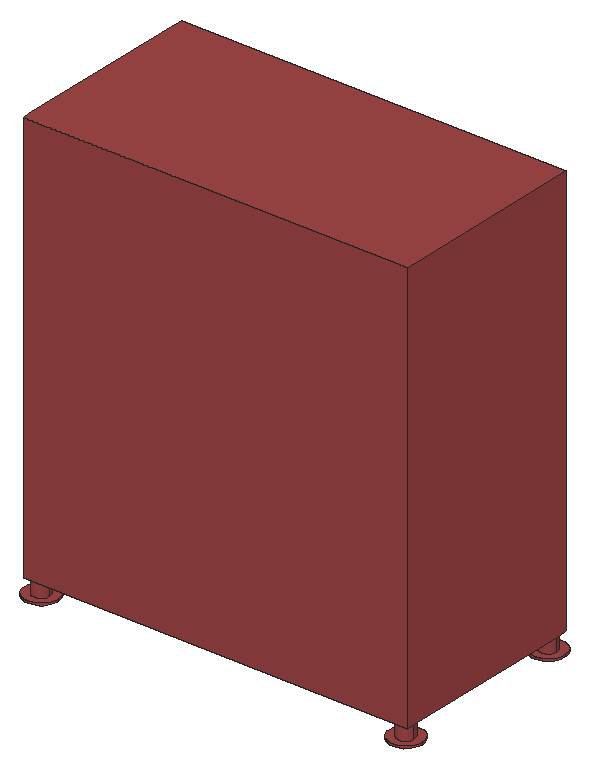
Revit family "FireFighting_Firemain-Booster-Suction-Set_Galvin_150TE", category Mechanical Equipment, Revit 2012
Parameters (values of type "380142SR")
  URL = "www.galvinengineering.com.au"
  Type Comments = "380142SR"
  StyleOrType_ANZRS = "Fire Fighting Equipment"
  ModifiedIssue_ANZRS = 20140330.01  # constant formula
  Model = "380142SR"
  Manufacturer = "Galvin Engineering"
  Keynote = "10520"
  Instructions = "http://www.galvinengineering.com.au/Installation_Guides_1.aspx"
  FlowRate = 0.00 L/s
  FilterObject_ANZRS = "380142SR"
  DimWidth = 1165.0 mm  # constant formula
  DimInletRadius = 50.0 mm
  DimHeight = 1300.0 mm  # constant formula
  DimDepth = 600.0 mm  # constant formula
  Description = "WA Firemain Booster & Suction Riser Set 150TE with Cabinet (Painted)"
  CreatedBy_ANZRS = "Galvin Engineering"
  CreatedByURL_ANZRS = "www.galvinengineering.com.au"
  CreatedByPhoneNo_ANZRS = "61-8-92495900"
  Assembly Code = "D4030"
Reference planes
  plane 1 "Center (Front/Back)": y = 0
  plane 2 "Bottom": z = 0
  plane 3 "Center (Left/Right)": x = 0
  plane 4 "Back": y = 300
  plane 5 "Front": y = -300
  plane 6 "Left": x = -582.5
  plane 7 "Right": x = 582.5
  plane 8: z = 1300
  plane 9 "Inlet1": x = -322.5
  plane 10 "Inlet2": x = 167.5
  plane 11 "InletOutlet": y = -50
Forms (mm)
  Extrusion 1, solid, material "Metal_Fire-Fighting_Zincalume-Steel-Powder-Coated_15400"
    sketch origin (0, 0, 0) x (1, 0, 0) y (0, 0, 1)
      loop
        line (-582.5, 1300) -> (-582.5, 50) -> (582.5, 50) -> (582.5, 1300) -> (-582.5, 1300)
      loop
        line (-557.5, 75) -> (557.5, 75) -> (557.5, 1275) -> (-557.5, 1275) -> (-557.5, 75)
    from -300 to 300
  Extrusion 2, solid, material "Metal_Fire-Fighting_Zincalume-Steel-Powder-Coated_15400"
    sketch origin (0, -300, 0) x (1, 0, 0) y (0, 0, -1)
      loop
        line (-582.5, -1300) -> (582.5, -1300) -> (582.5, -50) -> (-582.5, -50) -> (-582.5, -1300)
    from 0 to 25
  Extrusion 3, solid, material "Metal_Fire-Fighting_Zincalume-Steel-Powder-Coated_15400"
    sketch origin (0, 300, 0) x (1, 0, 0) y (0, 0, 1)
      loop
        line (-582.5, 1300) -> (-582.5, 50) -> (582.5, 50) -> (582.5, 1300) -> (-582.5, 1300)
    from 0 to 25
  Extrusion 4, solid, material "Metal_Fire-Fighting_Zincalume-Steel-Powder-Coated_15400"
    sketch origin (0, 0, 0) x (1, 0, 0) y (0, 1, 0)
      loop
        circle (-552.5, 270) r 50
      loop
        circle (-552.5, -270) r 50
      loop
        circle (552.5, 270) r 50
      loop
        circle (552.5, -270) r 50
    from 0 to 6
  Extrusion 5, solid, material "Metal_Fire-Fighting_Zincalume-Steel-Powder-Coated_15400"
    sketch origin (0, 0, 0) x (1, 0, 0) y (0, 1, 0)
      loop
        circle (-552.5, 270) r 25
      loop
        circle (-552.5, -270) r 25
      loop
        circle (552.5, 270) r 25
      loop
        circle (552.5, -270) r 25
    from 6 to 50
  Extrusion 6, solid, material "Metal_Fire-Fighting_Brass_15400"
    sketch origin (0, 0, 0) x (1, 0, 0) y (0, 1, 0)
      loop
        circle (-322.5, -50) r 81.5
      loop
        circle (167.5, 125) r 81.5
    from 0 to 50
Cuts and joins
  joined: Extrusion 1, Extrusion 2, Extrusion 3
Lines and regions (mm)
  model lines
    curve 1: line (-557.5, -300, 1275) -> (-557.5, -300, 75)
    curve 2: line (557.5, -300, 1275) -> (-557.5, -300, 1275)
    curve 3: line (-557.5, -300, 75) -> (557.5, -300, 75)
    curve 4: line (557.5, -300, 75) -> (557.5, -300, 1275)
Dimensions and locks
  "DimHeight": plane 8 to plane 2 "Bottom"
  "DimWidth": plane 6 "Left" to plane 7 "Right"
  "DimDepth": plane 5 "Front" to plane 4 "Back"
  locked: plane 10 "Inlet2" to plane 9 "Inlet1" at 490
  locked: plane 9 "Inlet1" to plane 6 "Left" at 260
  plane 11 "InletOutlet" to plane 5 "Front" = 250.0 mm
  equal spacing: plane 6 "Left", plane 3 "Center (Left/Right)", plane 7 "Right"
  aligned and locked: plane 2 "Bottom" to level
  aligned and locked: Extrusion 1 sketch curve to plane 6 "Left"
  aligned and locked: Extrusion 1 sketch curve to plane 8
  aligned and locked: plane 7 "Right" to Extrusion 1 sketch curve
  aligned and locked: Extrusion 1 to plane 4 "Back"
  aligned and locked: Extrusion 1 to plane 5 "Front"
  aligned and locked: Extrusion 2 sketch curve to plane 6 "Left"
  aligned and locked: Extrusion 2 sketch curve to plane 8
  aligned and locked: plane 7 "Right" to Extrusion 2 sketch curve
  aligned and locked: Extrusion 3 sketch curve to plane 6 "Left"
  aligned and locked: Extrusion 3 sketch curve to plane 8
  aligned and locked: plane 7 "Right" to Extrusion 3 sketch curve
  aligned and locked: plane 11 "InletOutlet" to Extrusion 6 sketch curve
  aligned and locked: plane 9 "Inlet1" to Extrusion 6 sketch curve
Automatic sketch dimensions
  plane 6 "Left" to Extrusion 1 sketch curve = 25.0 mm
  plane 7 "Right" to Extrusion 1 sketch curve = 25.0 mm
  Extrusion 1 sketch curve to Extrusion 1 sketch curve = 25.0 mm
  plane 8 to Extrusion 1 sketch curve = 25.0 mm
  Extrusion 2 sketch curve to level = 50.0 mm
  level to Extrusion 3 sketch curve = 50.0 mm
  curve 1 to plane 6 "Left" = 25.0 mm
  curve 4 to plane 7 "Right" = 25.0 mm
  curve 3 to level = 75.0 mm
  curve 2 to plane 8 = 25.0 mm
  plane 6 "Left" to Extrusion 4 sketch curve = 30.0 mm  (x2)
  plane 7 "Right" to Extrusion 4 sketch curve = 30.0 mm  (x2)
  plane 5 "Front" to Extrusion 4 sketch curve = 30.0 mm  (x2)
  plane 4 "Back" to Extrusion 4 sketch curve = 30.0 mm  (x2)
  plane 6 "Left" to Extrusion 5 sketch curve = 30.0 mm  (x2)
  plane 7 "Right" to Extrusion 5 sketch curve = 30.0 mm  (x2)
  plane 5 "Front" to Extrusion 5 sketch curve = 30.0 mm  (x2)
  plane 4 "Back" to Extrusion 5 sketch curve = 30.0 mm  (x2)
  level to Extrusion 1 sketch curve = 75.0 mm
  Extrusion 6 sketch curve to plane 10 "Inlet2" = 0.0 mm
  plane 5 "Front" to Extrusion 6 sketch curve = 425.0 mm
  radius of Extrusion 4 sketch curve = 50.0 mm  (x4)
  radius of Extrusion 5 sketch curve = 25.0 mm  (x4)
  radius of Extrusion 6 sketch curve = 81.5 mm  (x2)
Connectors
  piping at (-322.5, -50, 0), driven by "DimInletRadius", driven by "FlowRate"
    settings: on Extrusion 6, index 1, connector radius 50 mm, flow factor 0, pipe flow 0.00 L/s, pressure drop 0.0 Pa, fitting loss kfactor 0, connector angle 0.00°, fixture units 0, engagement length 0.0 mm, flow configuration 2, flow direction 1, fitting loss method 4, system type 23, joint type 0, gender type 0, connector reference index -1, connector utility 0, adjustable connector no, is connector primary yes, fitting loss table "", connector description "Inlet"
  piping at (167.5, 125, 0), driven by "DimInletRadius", driven by "FlowRate"
    settings: on Extrusion 6, index 2, connector radius 50 mm, flow factor 0, pipe flow 0.00 L/s, pressure drop 0.0 Pa, fitting loss kfactor 0, connector angle 0.00°, fixture units 0, engagement length 0.0 mm, flow configuration 2, flow direction 2, fitting loss method 4, system type 23, joint type 0, gender type 0, connector reference index -1, connector utility 0, adjustable connector no, is connector primary no, fitting loss table "", connector description "Inlet"
